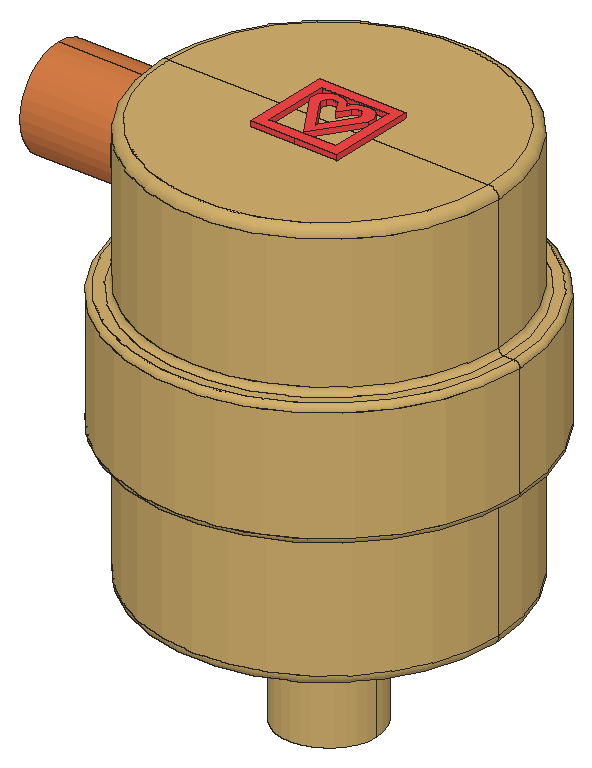
Revit family "Entlüfter 2630 10", category Rohrzubehör, Revit 2021
Family settings
  Bemaßung runder Anschluss = Durchmesser verwenden
  Teiletyp = Normal
  OmniClass-Nummer = 23.65.55.14
  OmniClass-Titel = Valves for Liquid Services
  Arbeitsebenenbasiert = Nein
  Immer vertikal = Ja
  Beim Laden mit Abzugskörper schneiden = Nein
  Gemeinsam genutzt = Nein
Parameters
  Vorgabe-Ansicht = 0.000 mm
  Schwimmer = "Polypropylen"  # constant formula
  SCRNSEQ = "AWI;AWI_TYP=\"1013\";1"
  SCRNCODE = "05;14;01"  # constant formula
  S03 = 24.500 mm  # constant formula
  S02 = 11.000 mm  # constant formula
  S01 = 56.000 mm  # constant formula
  Min.Betriebstemperatur = 0 °C  # constant formula
  Max.Sturkturdruck = 1000000.0 Pa  # constant formula
  Max.Betriebstemperatur = 110 °C  # constant formula
  URL = "www.herz-armaturen.at"
  R02 = 0.600 mm  # constant formula
  R01 = 1.000 mm  # constant formula
  Nennweite [instance] = 10.000 mm  # constant formula
  Medium = "Heizungswasser nach ÖNORM H5195 oder VDI- Richtlinie 2035. Die Verwendung von Ethylen- oder Propyleneglykol in einem Mischungsverhältnis von 25 - 50% ist zulässig. EPDM-Dichtungen können durch Mineralöle und Schmiermittel beeinflusst werden, was zum Versagen der EPDM-Dichtungen führen kann. Bitte beachten Sie die Dokumentation des Herstellers, wenn Ethylenglykol-Produkte für den Frost- und Korrosionsschutz verwendet werden."
  Max.Betriebsdruck = 1000000.0 Pa  # constant formula
  L04 = L02 - L03  # 18.800 mm
  L03 = 9.500 mm  # constant formula
  L02 = 28.300 mm  # constant formula
  L01 = 4.000 mm  # constant formula
  Hersteller = "Herz-Armaturen GmbH"  # constant formula
  H08 = H00 - 1.000 mm  # 55.000 mm
  H07 = H00 - 7.500 mm  # 48.500 mm
  H06 = 2.500 mm  # constant formula
  H05 = 9.000 mm  # constant formula
  H04 = 14.500 mm  # constant formula
  H03 = 15.500 mm  # constant formula
  H02 = 13.000 mm  # constant formula
  H01 = 9.500 mm  # constant formula
  H00 = 56.000 mm  # constant formula
  Gehäuse = "geschmiedetes Messing nach EN 12165, CW617N"  # constant formula
  G1 [instance] = Nennweite / 2  # 5.000 mm
  Dichtung = "EPDM"  # constant formula
  Deckel = "geschmiedetes Messing nach EN 12165, CW617N"  # constant formula
  D06 = 3.400 mm  # constant formula
  D05 = 5.100 mm  # constant formula
  D04 = 12.500 mm  # constant formula
  D03 = 11.000 mm  # constant formula
  D02 = 20.000 mm  # constant formula
  D01 = 17.800 mm  # constant formula
  Bestellnummer [instance] = if(Nennweite = 10.000 mm, 1263010, 0)  # 1263010
  Aussenanschlussgewinde = "nach ISO 228"  # constant formula
  Anwendungsgebiet = "Der automatische Schnellentlüfter wird in Heizungs- und Kühlungssysteme zur Entlüftung der Anlage verwendet. Das Ventil sollte in der Nähe des Boilers oder am höchsten Punkt der Anlage installiert werden, um eine garantierte Entlüftung der Anlage an die Umgebung zu gewährleisten."
  Abdeckkappe = "ABS Kunststoff, Rot"  # constant formula
Reference planes
  plane 1 "Mitte (Vorne/hinten)": y = 0
  plane 2: z = 0
  plane 3 "Mitte (Links/rechts)": x = 0
Forms (mm)
  Revolve 1, solid, material "Messing", detail levels fine
    sketch origin (0, 0, 0) x (1, 0, 0) y (0, 0, 1)
      loop
        line (0, 56) -> (-16.8, 56)
        arc (-16.8, 56) -> (-17.507, 55.707) -> (-17.8, 55) r 1
        line (-17.8, 55) -> (-17.8, 41.1)
        arc (-17.8, 41.1) -> (-17.976, 40.676) -> (-18.4, 40.5) r 0.6
        line (-18.4, 40.5) -> (-19.4, 40.5)
        arc (-19.4, 40.5) -> (-19.824, 40.324) -> (-20, 39.9) r 0.6
        line (-20, 39.9) -> (-20, 28.1)
        arc (-20, 28.1) -> (-19.824, 27.676) -> (-19.4, 27.5) r 0.6
        line (-19.4, 27.5) -> (-18.4, 27.5)
        arc (-18.4, 27.5) -> (-17.976, 27.324) -> (-17.8, 26.9) r 0.6
        line (-17.8, 26.9) -> (-17.8, 14)
        arc (-17.8, 14) -> (-17.507, 13.293) -> (-16.8, 13) r 1
        line (-16.8, 13) -> (-13.8, 13) -> (-9, 9.5) -> (-5, 9.5) -> (-5, 0) -> (0, 0) -> (0, 56)
      axis (0, 56) -> (0, 0)
    angle from 0 to 360
  Revolve 2, solid, material "Messing", detail levels fine
    sketch origin (0, 0, 0) x (1, 0, 0) y (0, 0, 1)
      loop
        line (0, 48.5) -> (0, 51.9) -> (-18.8, 51.9) -> (-18.8, 48.5) -> (0, 48.5)
      axis (-18.8, 48.5) -> (0, 48.5)
    angle from 0 to 360
  Revolve 3, solid, material "Kunststoff-Orange", detail levels fine
    sketch origin (0, 0, 0) x (1, 0, 0) y (0, 0, 1)
      loop
        line (-28.3, 48.5) -> (-18.8, 48.5) -> (-18.8, 53.6) -> (-28.3, 53.6) -> (-28.3, 48.5)
      axis (-28.3, 48.5) -> (-18.8, 48.5)
    angle from 0 to 360
Lines and regions (mm)
  model lines, detail levels coarse+medium
    curve 1: line (0, 0, 56) -> (-12.587, 0, 43.413)
    curve 2: line (0, 0, 56) -> (12.587, 0, 43.413)
    curve 3: circle (0, 0, 31.5) r 11 normal (0, -1, 0)
    curve 4: line (0, 0, 42.5) -> (0, 0, 56)
    curve 5: line (0, 0, 20.5) -> (0, 0, 0)
    curve 6: line (0, 0, 56) -> (0, -12.587, 43.413)
    curve 7: line (0, 0, 56) -> (0, 12.587, 43.413)
    curve 8: circle (0, 0, 31.5) r 11 normal (1, 0, 0)
    curve 9: line (0, 56, 0) -> (-12.587, 43.413, 0)
    curve 10: line (0, 56, 0) -> (12.587, 43.413, 0)
    curve 11: circle (0, 31.5, 0) r 11 normal (0, 0, 1)
    curve 12: line (0, 42.5, 0) -> (0, 56, 0)
    curve 13: line (0, 20.5, 0) -> (0, 0, 0)
Dimensions and locks
  "H02": Revolve 1 sketch curve to Revolve 1 sketch curve
  "H03": Revolve 1 sketch curve to Revolve 1 sketch curve
  "H04": Revolve 1 sketch curve to Revolve 1 sketch curve
  "L01": Revolve 1 sketch curve to Revolve 1 sketch curve  (x2)
  "D01": Revolve 1 sketch curve to Revolve 1 sketch curve  (x2)
  "D02": Revolve 1 sketch curve to Revolve 1 sketch curve
  "H07": Revolve 2 sketch curve to plane 2
  "D06": Revolve 2 sketch curve to Revolve 2 sketch curve
  "L02": plane 3 "Mitte (Links/rechts)" to Revolve 3 sketch curve
  "L03": Revolve 3 sketch curve to Revolve 3 sketch curve
  "D05": Revolve 3 sketch curve to Revolve 3 sketch curve
  "H07": Revolve 3 sketch curve to plane 2
  "L04": plane 3 "Mitte (Links/rechts)" to Revolve 2 sketch curve
  "H08": nested 1 to plane 2
  "G1": Revolve 1 sketch curve to Revolve 1 sketch curve
  "H00": Revolve 1 sketch curve to Revolve 1 sketch curve
  "H01": Revolve 1 sketch curve to Revolve 1 sketch curve
  "S01": curve 2 to plane 2
  "D01": curve 1 to curve 4
  "D01": curve 2 to curve 2
  "S03": curve 4 to curve 3
  "D01": curve 6 to curve 6
  "D01": curve 7 to curve 7
  "S03": curve 7 to curve 8
  "S01": curve 7 to plane 2
  "S01": plane 1 "Mitte (Vorne/hinten)" to curve 12
  "S03": curve 12 to curve 11
  "D01": curve 9 to curve 9
  "D01": curve 10 to curve 10
  "R01": radius of Revolve 1 sketch curve  (x2)
  "R02": radius of Revolve 1 sketch curve  (x4)
  "S02": radius of curve 3
  "S02": radius of curve 8
  "S02": radius of curve 11
  angle curve 1 to curve 4 = 45.00°
  angle curve 4 to curve 2 = 45.00°
  angle curve 6 to plane 1 "Mitte (Vorne/hinten)" = 45.00°
  angle plane 1 "Mitte (Vorne/hinten)" to curve 7 = 45.00°
  angle curve 9 to curve 12 = 45.00°
  angle curve 12 to curve 10 = 45.00°
  aligned and locked: level to plane 2
Automatic sketch dimensions
  curve 7 to plane 1 "Mitte (Vorne/hinten)" = 0.000 mm
  curve 8 to plane 1 "Mitte (Vorne/hinten)" = 0.000 mm
  curve 1 to plane 3 "Mitte (Links/rechts)" = 0.000 mm
  curve 5 to plane 3 "Mitte (Links/rechts)" = 0.000 mm
  curve 3 to plane 3 "Mitte (Links/rechts)" = 0.000 mm
  curve 5 to level = 0.000 mm
  curve 9 to plane 3 "Mitte (Links/rechts)" = 0.000 mm
  curve 13 to plane 3 "Mitte (Links/rechts)" = 0.000 mm
  curve 11 to plane 3 "Mitte (Links/rechts)" = 0.000 mm
  plane 1 "Mitte (Vorne/hinten)" to curve 13 = 0.000 mm
  Revolve 1 sketch curve to level = 0.000 mm
  Revolve 1 sketch curve to plane 3 "Mitte (Links/rechts)" = 0.000 mm
  plane 3 "Mitte (Links/rechts)" to Revolve 1 sketch curve = 0.000 mm
  Revolve 1 sketch curve to Revolve 1 sketch curve = 2000.000 mm
  Revolve 1 sketch curve to Revolve 1 sketch curve = 1932.500 mm
  Revolve 2 sketch curve to plane 3 "Mitte (Links/rechts)" = 0.000 mm  (x2)
  Revolve 2 sketch curve to Revolve 2 sketch curve = 0.000 mm  (x2)
  Revolve 3 sketch curve to Revolve 3 sketch curve = 0.000 mm  (x3)
Nested families
  nested 1: "Herz-Logo" at (0, 0, 55), type "Herz-Logo", detail levels fine
Connectors
  piping at (0, 0, 0), diameter 10, driven by "Nennweite"
    settings: on Revolve 1, index 1, connector inside diameter 609.6 mm, connector length 0.000 mm, flow factor 0, pipe flow 0.0 L/s, pressure drop 0.0 Pa, fitting loss kfactor 0, connector angle 0.00°, fixture units 0, engagement length 0.000 mm, angle of deflection 0.00°, flow configuration 0, flow direction 1, fitting loss method 0, system type 29, joint type 0, gender type 0, connector reference index -1, connector utility 0, adjustable connector no, is connector primary yes, connector description ""
Definition of nested family "Herz-Logo"
  Parameters (values of type "Herz-Logo")
    Default Elevation = 0.000 mm
  Reference planes
    plane 1 "Mitte (Vorne/hinten)": y = 0
    plane 2: z = 0
    plane 3 "Mitte (Links/rechts)": x = 0
  Forms (mm)
    Extrusion 1, solid
      sketch origin (0, 0, 0) x (1, 0, 0) y (0, 1, 0)
        loop
          line (-0.018, -4.517) -> (4.482, -4.517) -> (4.482, 4.483) -> (-4.518, 4.483) -> (-4.518, -4.517) -> (-0.018, -4.517)
        loop
          line (-0.05, -3.48) -> (3.482, -3.48) -> (3.482, 3.483) -> (-3.518, 3.483) -> (-3.518, -3.48) -> (-0.05, -3.48)
        loop
          arc (-0.018, 2.383) -> (-1.543, 3.287) -> (-3.067, 2.383) r 1.738
          arc (-3.067, 2.383) -> (-3.191, 1.899) -> (-3.067, 1.415) r 1.009
          line (-3.067, 1.415) -> (-0.018, -3.281) -> (3.032, 1.415)
          arc (3.032, 1.415) -> (3.156, 1.899) -> (3.032, 2.383) r 1.009
          arc (3.032, 2.383) -> (1.507, 3.287) -> (-0.018, 2.383) r 1.738
        loop
          arc (1.885, 1.272) -> (2.005, 1.675) -> (1.885, 2.079) r 0.74
          arc (1.885, 2.079) -> (1.265, 2.416) -> (0.644, 2.079) r 0.74
          line (0.644, 2.079) -> (-0.018, 0.97) -> (-0.679, 2.079)
          arc (-0.679, 2.079) -> (-1.3, 2.416) -> (-1.921, 2.079) r 0.74
          arc (-1.921, 2.079) -> (-2.04, 1.675) -> (-1.921, 1.272) r 0.74
          line (-1.921, 1.272) -> (-0.018, -1.658) -> (1.885, 1.272)
      from 0 to 1.5
  Dimensions and locks
    aligned and locked: level to plane 2
